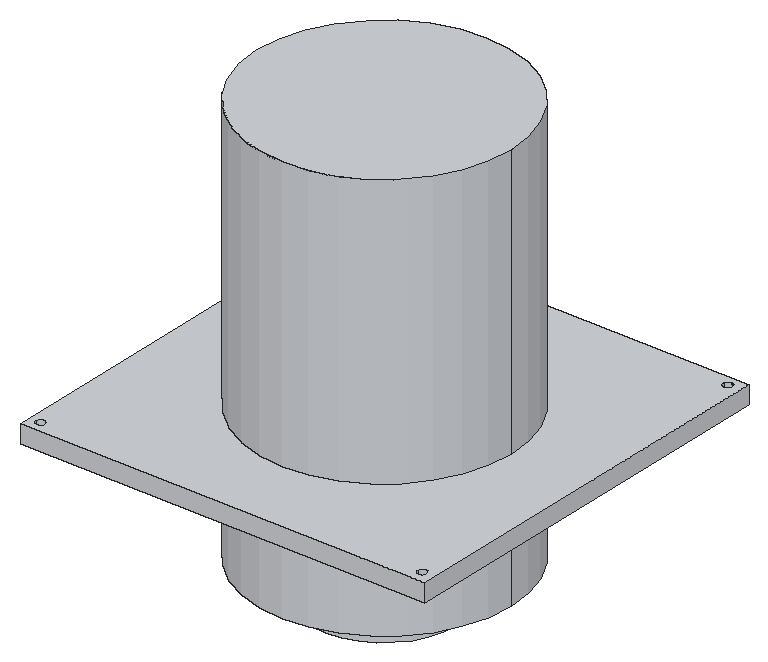
Revit family "MTO4", category Generic Models, host Face, Revit 2019
Family settings
  Host = Face
  Can host rebar = No
  Round Connector Dimension = Use Diameter
  Part Type = Normal
  Cut with Voids When Loaded = No
  Shared = No
  Room Calculation Point = No
Parameters
  Default Elevation = 48.00"
Reference planes (in)
  plane 1 "Center (Front/Back)": y = 0
  plane 2: z = 0
  plane 3 "Center (Left/Right)": x = 0
Forms (in)
  Extrusion 1, solid
    sketch origin (0, 0, 0) x (1, 0, 0) y (0, 1, 0)
      loop
        line (-5.5625, 5.5625) -> (-5.5625, -5.5625) -> (5.5625, -5.5625) -> (5.5625, 5.5625) -> (-5.5625, 5.5625)
      loop
        circle (5.25, 5.25) r 0.125
      loop
        circle (-5.25, 5.25) r 0.125
      loop
        circle (-5.25, -5.25) r 0.125
      loop
        circle (5.25, -5.25) r 0.125
    from 0 to 0.5
  Extrusion 2, solid
    sketch origin (0, 0, 0) x (1, 0, 0) y (0, 1, 0)
      loop
        circle (0, 0) r 3.5
    from 0.5 to 8
  Extrusion 3, solid
    sketch origin (0, 0, 0) x (1, 0, 0) y (0, 1, 0)
      loop
        circle (0, 0) r 3.5
    from 0 to -3.25
  Extrusion 4, solid
    sketch origin (0, 0, 0) x (1, 0, 0) y (0, 1, 0)
      loop
        circle (0, 0) r 2
    from -3.25 to -4.25
Dimensions and locks (in)
  aligned and locked: plane 2 to host face
  aligned and locked: level to host face
Connectors (in)
  hvac at (0, 0, -4.25)
    settings: on Extrusion 4, index 1, duct flow 0 CFM, flow factor 0, pres drop 0.00 in-wg, loss coef 0, conn angle 0.00°, conn width 12", conn height 12", conn diameter 4", duct sys type 1, conn prof type 0, flow config 0, flow direction 0, loss method 0, conn ref index -1, conn util no, is conn primary yes, conn desc ""
